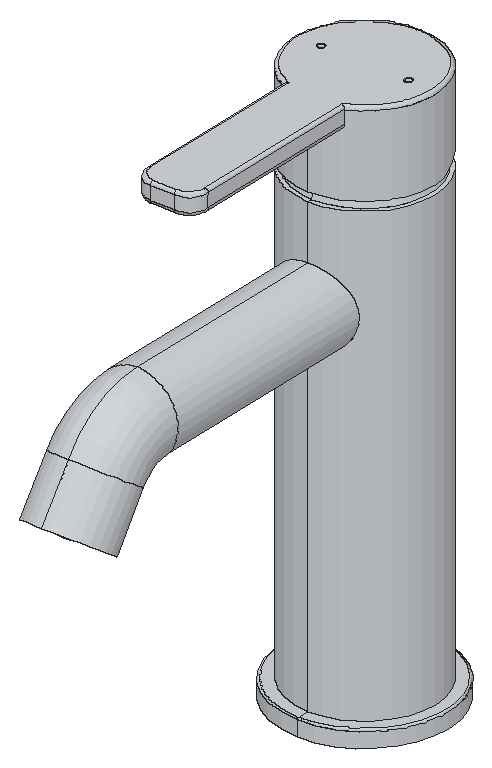
Revit family "Faucet-Lavatory-KOHLER-Atom-K-28839T", category Plumbing Fixtures, host Face, Revit 2021
Family settings
  Host = Face
  Round Connector Dimension = Use Diameter
  Part Type = Normal
  OmniClass Number = 23.31.11.00
  OmniClass Title = Faucets
  Cut with Voids When Loaded = No
  Shared = No
  Room Calculation Point = No
Parameters (values of type "CP-Polished Chrome")
  Width = 1.9685"  # constant formula
  WaterSense Certified = 1 = 0  # no
  Waste Water Outlet = "Waste Water Outlet"  # constant formula
  Waste Connection = 1 = 0  # no
  Vent Connection = 1 = 0  # no
  URL = "http://www.kohler.com.cn/"
  Type = 1
  Spout Reach = Length  # 4.33071"
  Product Page URL = ""
  Product Name = "Atom"  # constant formula
  Product Documentation Link = ""
  Pressure = 0.00 psi
  Model = "K-28839T-4-CP"  # constant formula
  Material = "Premium Metal Construction"  # constant formula
  Master Format 2014 Name = "Residential Faucets, Supplies, and Trim"  # constant formula
  Master Format 2014 = "22 41 39"  # constant formula
  Manufacturer Address = "Kohler Beijing Office (100016) 36-2-03-B, No. 88, Liuxiang Road, Beijing"  # constant formula
  Manufacturer = "Kohler Co."  # constant formula
  Length = 4.33071"  # constant formula
  Hot Water Inlet = "Hot Water Inlet"  # constant formula
  Height = 6.62992"  # constant formula
  Handle Clearance = 2.95276"  # constant formula
  HW Connection = 1 = 1  # yes
  Flow Rate = 2.2 GPM  # constant formula
  Finish = Kohler-Metal-CP-Polished_Chrome
  Environmental Product Declaration = ""
  Drain Included = 1 = 0  # no
  Description = "Single Control Lavatory Faucet With Lever Handle"  # constant formula
  Default Elevation = 36"
  Declare Label = ""
  Date Modified = "12/25/2023"  # constant formula
  Date Created = "12/25/2023"  # constant formula
  Copyright = "Copyright Kohler Co."  # constant formula
  Contact Us = "http://www.kohler.com.cn/contact/contact-us/"
  Cold Water Inlet = "Cold Water Inlet"  # constant formula
  CW Connection = 1 = 1  # yes
  Assembly Code = "D2010"
  ADA Compliant = 1 = 0  # no
Reference planes (in)
  plane 1 "Center (Front/Back)": y = 0
  plane 2: z = 0
  plane 3 "Center (Left/Right)": x = 0
  plane 4: y = 0.98425
  plane 5: x = -0.98425
  plane 6: x = 0.98425
  plane 7: y = -0.98425
  plane 8: y = -2.95276
  plane 9: y = -4.71654
  plane 10: z = 3.55512
  plane 11: z = 6.62992
  plane 12: y = -4.33071
  plane 13: through (0, -2.1777, 6.62994) normal (0, -0.8192, 0.5736)
  plane 14: x = -0.51181
  plane 15: x = 0.51181
  plane 16: x = -0.7874
  plane 17: y = 0.82677
  plane 18: x = 0.7874
  plane 19: y = -0.7874
  plane 20: through (0, 0.74802, 0) normal (0, 0.5736, 0.8192)
Dimensions and locks (in)
  plane 9 to plane 1 "Center (Front/Back)" = 4.71654"
  plane 14 to plane 15 = 1.02362"
  plane 1 "Center (Front/Back)" to plane 17 = 0.82677"
  plane 16 to plane 14 = 0.27559"
  "Height": plane 11 to level
  "Handle Clearance": plane 1 "Center (Front/Back)" to plane 8
  plane 4 to plane 9 = 5.70079"
  level to plane 10 = 3.55512"
  plane 4 to plane 7 = 1.9685"
  "Length": plane 1 "Center (Front/Back)" to plane 12
  "Width": plane 5 to plane 6
  plane 10 to level = 3.55512"
  aligned and locked: plane 2 to host face
  aligned and locked: level to host face
  aligned and locked: plane 1 "Center (Front/Back)" to nested 1
  aligned and locked: plane 3 "Center (Left/Right)" to nested 1
Automatic sketch dimensions
  host sketch curve to host sketch curve = 96"  (x2)
Nested families (in)
  nested 1: "K-28839T" at (0, 0, 0), type "K-28839T"
Connectors (in)
  piping at (-0.51181, 0, 0), diameter 0.5, driven by "Flow Rate", driven by "HW Connection", driven by "Hot Water Inlet"
    settings: on nested 1, index 1, connector inside diameter 24", connector length 0", flow factor 0, pipe flow 2.2 GPM, pressure drop 0.00 psi, fitting loss kfactor 0, connector angle 0.00°, fixture units 0, engagement length 0", angle of deflection 0.00°, flow configuration 1, flow direction 1, fitting loss method 0, system type 19, joint type 0, gender type 0, connector reference index -1, connector utility 1, adjustable connector no, is connector primary yes, connector description "Hot Water Inlet"
  piping at (0.51181, 0, 0), diameter 0.5, driven by "Flow Rate", driven by "CW Connection", driven by "Cold Water Inlet"
    settings: on nested 1, index 2, connector inside diameter 24", connector length 0", flow factor 0, pipe flow 2.2 GPM, pressure drop 0.00 psi, fitting loss kfactor 0, connector angle 0.00°, fixture units 0, engagement length 0", angle of deflection 0.00°, flow configuration 1, flow direction 1, fitting loss method 0, system type 20, joint type 0, gender type 0, connector reference index -1, connector utility 1, adjustable connector no, is connector primary no, connector description "Cold Water Inlet"
Definition of nested family "K-28839T"
  Parameters
    Material = none
    Default Elevation = 0"
  Reference planes (in)
    plane 1 "Center (Front/Back)": y = 0
    plane 2: z = 0
    plane 3 "Center (Left/Right)": x = 0
    plane 4: y = 0.98425
    plane 5: y = -0.98425
    plane 6: z = 6.62992
    plane 7: y = -4.33071
    plane 8: y = -4.71654
    plane 9: x = -0.98425
    plane 10: x = 0.98425
    plane 11: y = -2.95276
    plane 12: z = 3.55512
    plane 13: through (0, -4.33071, 3.55512) normal (0, 0.8192, -0.5736)
    plane 14: x = 0.51181
    plane 15: x = -0.51181
    plane 16: x = -0.7874
    plane 17: x = 0.7874
    plane 18: y = -0.7874
    plane 19: y = 0.7874
    plane 20: through (0, -4.71654, 3.82632) normal (0, -0.5736, -0.8192)
  Forms (in)
    Revolve 1, solid, material <- "Material", detail levels medium+fine
      sketch origin (0, 0, 0) x (0, 1, 0) y (0, 0, 1)
        loop
          line (0, 0) -> (0.98425, 0) -> (0.98425, 0.17717)
          arc (0.98425, 0.17717) -> (0.97849, 0.19108) -> (0.96457, 0.19685) r 0.01969
          line (0.96457, 0.19685) -> (0.82687, 0.19685) -> (0.82687, 5.53916) -> (0.77186, 5.53916)
          arc (0.77186, 5.53916) -> (0.70542, 5.7435) -> (0.58407, 5.92082) r 0.75436
          line (0.58407, 5.92082) -> (0, 5.92082) -> (0, 0)
        axis (0, 0) -> (0, 5.92082)
      angle from 0 to 360
    Sweep 2, solid, material <- "Material", detail levels medium+fine
      path origin (0, 0, 0) x (1, 0, 0) y (0, 1, 0)
        loop
          line (-0.35433, -0.46431) -> (-0.35433, -2.73621)
          arc (-0.35433, -2.73621) -> (-0.29091, -2.88932) -> (-0.1378, -2.95275) r 0.21654
          line (-0.1378, -2.95275) -> (0.13774, -2.95275)
          arc (0.13774, -2.95275) -> (0.29086, -2.88932) -> (0.35428, -2.73621) r 0.21654
          line (0.35428, -2.73621) -> (0.35428, -0.46436)
      profile origin (-0.00003, -2.95275, 0) x (0, 1, 0) y (0, 0, 1)
        loop
          arc (0, 6.43276) -> (0.01153, 6.40492) -> (0.03937, 6.39339) r 0.03937
          line (0.03937, 6.39339) -> (0.07154, 6.39339) -> (0.07154, 6.62994) -> (0.03937, 6.62994)
          arc (0.03937, 6.62994) -> (0.01153, 6.61841) -> (0, 6.59057) r 0.03937
          line (0, 6.59057) -> (0, 6.43276)
    Revolve 3, solid, material <- "Material", detail levels medium+fine
      sketch origin (0, 0, 0) x (0, 1, 0) y (0, 0, 1)
        loop
          line (0, 5.64536) -> (0, 6.62994) -> (-0.7874, 6.62994)
          arc (-0.7874, 6.62994) -> (-0.81524, 6.61841) -> (-0.82677, 6.59057) r 0.03937
          line (-0.82677, 6.59057) -> (-0.82677, 5.64536) -> (0, 5.64536)
        axis (0, 6.62994) -> (0, 5.64536)
      angle from 0 to 360
    Extrusion 4, void
      sketch origin (0, 0, 0) x (0, 1, 0) y (0, 0, 1)
        loop
          line (0.98812, 5.96475) -> (-0.00947, 5.59583) -> (0.98812, 5.59583) -> (0.98812, 5.96475)
      from -1.0149 to 1.00536
    Extrusion 5, solid, material <- "Material", detail levels medium+fine
      sketch origin (0, 0, 0) x (1, 0, 0) y (0, 1, 0)
        loop
          line (0.28274, -0.46436) -> (-0.2828, -0.46436) -> (-0.2828, -2.73621)
          arc (-0.2828, -2.73621) -> (-0.24033, -2.83874) -> (-0.1378, -2.88121) r 0.145
          line (-0.1378, -2.88121) -> (0.13774, -2.88121)
          arc (0.13774, -2.88121) -> (0.24027, -2.83874) -> (0.28274, -2.73621) r 0.145
          line (0.28274, -2.73621) -> (0.28274, -0.46436)
      from 6.39339 to 6.62994
    Extrusion 6, void
      sketch origin (0, 0, 0) x (1, 0, 0) y (0, 0, 1)
        loop
          circle (0, 6.26388) r 0.14173
      from -0.98812 to -0.64136
    Extrusion 7, solid, detail levels medium+fine
      sketch origin (0, 0, 0) x (1, 0, 0) y (0, 0, 1)
        loop
          circle (0, 6.26388) r 0.1378
      from -0.82703 to -0.64136
    Revolve 8, solid, material <- "Material", detail levels coarse
      sketch origin (0, 0, 0) x (0, 1, 0) y (0, 0, 1)
        loop
          line (0, 0) -> (0.98425, 0) -> (0.98425, 0.19685) -> (0.82687, 0.19685) -> (0.82687, 5.53916) -> (0.58407, 5.92082) -> (0, 5.92082) -> (0, 0)
        axis (0, 0) -> (0, 5.92082)
      angle from 0 to 360
    Revolve 9, solid, material <- "Material", detail levels coarse
      sketch origin (0, 0, 0) x (0, 1, 0) y (0, 0, 1)
        loop
          line (0, 5.64536) -> (0, 6.62994) -> (-0.7874, 6.62994)
          arc (-0.7874, 6.62994) -> (-0.81524, 6.61841) -> (-0.82677, 6.59057) r 0.03937
          line (-0.82677, 6.59057) -> (-0.82677, 5.64536) -> (0, 5.64536)
        axis (0, 6.62994) -> (0, 5.64536)
      angle from 0 to 360
    Extrusion 10, solid, material <- "Material", detail levels coarse
      sketch origin (0, 0, 0) x (1, 0, 0) y (0, 1, 0)
        loop
          line (-0.35433, -0.46436) -> (-0.35433, -2.73621)
          arc (-0.35433, -2.73621) -> (-0.29091, -2.88932) -> (-0.1378, -2.95275) r 0.21654
          line (-0.1378, -2.95275) -> (0.13774, -2.95275)
          arc (0.13774, -2.95275) -> (0.29086, -2.88932) -> (0.35428, -2.73621) r 0.21654
          line (0.35428, -2.73621) -> (0.35428, -0.46436) -> (-0.35433, -0.46436)
      from 6.39339 to 6.62994
    Sweep 11, solid, material <- "Material", detail levels medium+fine
      path origin (0, 0, 0) x (0, 1, 0) y (0, 0, 1)
        loop
          line (-4.33139, 3.55415) -> (-3.94567, 4.10503)
          arc (-3.94567, 4.10503) -> (-3.67372, 4.34352) -> (-3.32238, 4.42949) r 0.7609
          line (-3.32238, 4.42949) -> (-0.18232, 4.42949)
      profile origin (0, -1.75235, 4.42949) x (0, 0, 1) y (1, 0, 0)
        loop
          circle (0, 0) r 0.47244
    Sweep 12, void
      path origin (0, 0, 0) x (0, 1, 0) y (0, 0, 1)
        loop
          line (-4.3973, 3.46003) -> (-4.11658, 3.86094)
      profile origin (0, -4.25694, 3.66048) x (0, -0.819152, 0.573576) y (1, 0, 0)
        loop
          circle (0, 0) r 0.43307
    Revolve 13, solid, detail levels medium+fine
      sketch origin (0, 0, 0) x (0, 1, 0) y (0, 0, 1)
        loop
          line (-4.338, 3.54472) -> (-4.11658, 3.86094) -> (-4.47133, 4.10934) -> (-4.58424, 3.94809) -> (-4.47639, 3.87257) -> (-4.54101, 3.75262) -> (-4.50996, 3.73088)
          arc (-4.50996, 3.73088) -> (-4.43501, 3.62761) -> (-4.338, 3.54472) r 0.54215
        axis (-4.11658, 3.86094) -> (-4.338, 3.54472)
      angle from 0 to 360
    Extrusion 14, void
      sketch origin (0, 0, 0) x (0, 1, 0) y (0, 0, 1)
        loop
          line (-4.41231, 3.52874) -> (-4.32874, 3.47023) -> (-4.20965, 3.64032) -> (-4.29321, 3.69883) -> (-4.41231, 3.52874)
      from -0.34375 to 0.31622
    Sweep 15, solid, material <- "Material", detail levels coarse
      path origin (0, 0, 0) x (0, 1, 0) y (0, 0, 1)
        loop
          line (-4.33139, 3.55415) -> (-3.94567, 4.10503)
          arc (-3.94567, 4.10503) -> (-3.67372, 4.34352) -> (-3.32238, 4.42949) r 0.7609
          line (-3.32238, 4.42949) -> (-0.18232, 4.42949)
      profile origin (0, -1.75235, 4.42949) x (0, 0, 1) y (1, 0, 0)
        loop
          circle (0, 0) r 0.47244
    Extrusion 16, void
      sketch origin (0, 0, 0) x (1, 0, 0) y (0, 1, 0)
        loop
          circle (-0.51181, 0) r 0.03937
      from 6.53296 to 6.66894
    Extrusion 17, void
      sketch origin (0, 0, 0) x (-1, 0, 0) y (0, -1, 0)
        loop
          circle (-0.51181, 0) r 0.03937
      from 6.53296 to 6.66894
    Extrusion 18, solid
      sketch origin (0, 0, 0) x (1, 0, 0) y (0, 1, 0)
        loop
          circle (-0.51181, 0) r 0.03937
      from 6.53296 to 6.62994
    Extrusion 19, solid
      sketch origin (0, 0, 0) x (-1, 0, 0) y (0, -1, 0)
        loop
          circle (-0.51181, 0) r 0.03937
      from 6.53296 to 6.62994
    Extrusion 20, solid, material <- "Material"
      sketch origin (0, 0, 0) x (1, 0, 0) y (0, 1, 0)
        loop
          circle (-0.51181, 0) r 0.11811
      from 0 to 0.19685
    Extrusion 21, solid, material <- "Material"
      sketch origin (0, 0, 0) x (1, 0, 0) y (0, 1, 0)
        loop
          circle (0.51181, 0) r 0.11811
      from 0 to 0.19685
  Cuts and joins
    Extrusion 4, Extrusion 6, Extrusion 16, Extrusion 17 cuts Revolve 3
    joined: Sweep 2, Revolve 3, Extrusion 5
    Sweep 12 cuts Sweep 11
    Extrusion 14 cuts Revolve 13
    Extrusion 16, Extrusion 17 cuts Revolve 9
    joined: Revolve 9, Extrusion 10
  Lines and regions (in)
    Masking region 1
      outline origin (0, 0, 0) x (1, 0, 0) y (0, 1, 0)
        loop
          arc (-0.98425, 0) -> (-0.8471, -0.50179) -> (-0.47244, -0.86269) r 0.97995
          line (-0.47244, -0.86269) -> (-0.47244, -4.33066)
          arc (-0.47244, -4.33066) -> (-0.45728, -4.43034) -> (-0.41315, -4.52101) r 0.33515
          arc (-0.41315, -4.52101) -> (-0.33562, -4.60507) -> (-0.23776, -4.66424) r 0.40693
          arc (-0.23776, -4.66424) -> (-0.12133, -4.7015) -> (0, -4.71654) r 0.65683
          arc (0, -4.71654) -> (0.12133, -4.7015) -> (0.23776, -4.66424) r 0.65683
          arc (0.23776, -4.66424) -> (0.33562, -4.60507) -> (0.41315, -4.52101) r 0.40693
          arc (0.41315, -4.52101) -> (0.45728, -4.43034) -> (0.47244, -4.33066) r 0.33515
          line (0.47244, -4.33066) -> (0.47244, -0.86269)
          arc (0.47244, -0.86269) -> (0.8471, -0.50179) -> (0.98425, 0) r 0.97995
          arc (0.98425, 0) -> (0.72525, 0.66541) -> (0.08454, 0.98061) r 0.98425
          arc (0.08454, 0.98061) -> (0.04231, 0.98334) -> (0, 0.98425) r 0.98425
          arc (0, 0.98425) -> (-0.04216, 0.98335) -> (-0.08424, 0.98064) r 0.98425
          arc (-0.08424, 0.98064) -> (-0.72514, 0.66552) -> (-0.98425, 0) r 0.98425
    Masking region 2
      outline origin (0, 0, 0) x (1, 0, 0) y (0, 0, 1)
        loop
          line (-0.7874, 6.59055) -> (-0.7874, 5.6457) -> (-0.7314, 5.6457)
          arc (-0.7314, 5.6457) -> (-0.74734, 5.59322) -> (-0.75653, 5.53914) r 0.43336
          line (-0.75653, 5.53914) -> (-0.7874, 5.53914) -> (-0.7874, 0.19688) -> (-0.96457, 0.19688)
          arc (-0.96457, 0.19688) -> (-0.97849, 0.19111) -> (-0.98425, 0.17719) r 0.01969
          line (-0.98425, 0.17719) -> (-0.98425, 0) -> (0, 0) -> (0.98425, 0) -> (0.98425, 0.17719)
          arc (0.98425, 0.17719) -> (0.97849, 0.19111) -> (0.96457, 0.19688) r 0.01969
          line (0.96457, 0.19688) -> (0.7874, 0.19688) -> (0.7874, 5.53914) -> (0.75653, 5.53914)
          arc (0.75653, 5.53914) -> (0.74734, 5.59322) -> (0.7314, 5.6457) r 0.43336
          line (0.7314, 5.6457) -> (0.7874, 5.6457) -> (0.7874, 6.59055)
          arc (0.7874, 6.59055) -> (0.77587, 6.61839) -> (0.74803, 6.62992) r 0.03937
          line (0.74803, 6.62992) -> (0, 6.62992) -> (-0.74803, 6.62992)
          arc (-0.74803, 6.62992) -> (-0.77587, 6.61839) -> (-0.7874, 6.59055) r 0.03937
    Masking region 3
      outline origin (0, 0, 0) x (0, 1, 0) y (0, 0, 1)
        loop
          arc (0.7874, 6.59055) -> (0.77587, 6.61839) -> (0.74803, 6.62992) r 0.03937
          line (0.74803, 6.62992) -> (-2.91339, 6.62992)
          arc (-2.91339, 6.62992) -> (-2.94122, 6.61839) -> (-2.95276, 6.59055) r 0.03937
          line (-2.95276, 6.59055) -> (-2.95276, 6.43321)
          arc (-2.95276, 6.43321) -> (-2.94122, 6.40537) -> (-2.91339, 6.39384) r 0.03937
          line (-2.91339, 6.39384) -> (-0.86614, 6.39384)
          arc (-0.86614, 6.39384) -> (-0.81046, 6.37078) -> (-0.7874, 6.3151) r 0.07874
          line (-0.7874, 6.3151) -> (-0.7874, 5.64542) -> (-0.7299, 5.64542)
          arc (-0.7299, 5.64542) -> (-0.74428, 5.59249) -> (-0.75655, 5.53903) r 1.38621
          line (-0.75655, 5.53903) -> (-0.7874, 5.53903) -> (-0.7874, 4.94864)
          arc (-0.7874, 4.94864) -> (-0.79893, 4.92081) -> (-0.82677, 4.90927) r 0.03937
          line (-0.82677, 4.90927) -> (-3.20361, 4.90927)
          arc (-3.20361, 4.90927) -> (-3.87298, 4.74548) -> (-4.39108, 4.29112) r 1.44963
          line (-4.39108, 4.29112) -> (-4.71654, 3.82632) -> (-3.94334, 3.28492) -> (-3.60574, 3.76706)
          arc (-3.60574, 3.76706) -> (-3.43995, 3.91246) -> (-3.22575, 3.96487) r 0.46388
          line (-3.22575, 3.96487) -> (-0.82677, 3.96487)
          arc (-0.82677, 3.96487) -> (-0.79893, 3.95334) -> (-0.7874, 3.9255) r 0.03937
          line (-0.7874, 3.9255) -> (-0.7874, 0.19685) -> (-0.96457, 0.19685)
          arc (-0.96457, 0.19685) -> (-0.97849, 0.19108) -> (-0.98425, 0.17717) r 0.01969
          line (-0.98425, 0.17717) -> (-0.98425, 0) -> (0, 0) -> (0.98425, 0) -> (0.98425, 0.17717)
          arc (0.98425, 0.17717) -> (0.97849, 0.19108) -> (0.96457, 0.19685) r 0.01969
          line (0.96457, 0.19685) -> (0.7874, 0.19685) -> (0.7874, 1.22045) -> (0.7874, 5.53917) -> (0.75665, 5.53917)
          arc (0.75665, 5.53917) -> (0.71167, 5.69256) -> (0.63735, 5.83408) r 0.80761
          line (0.63735, 5.83408) -> (0.7874, 5.88869) -> (0.7874, 6.59055)
    symbolic lines, detail levels medium+fine
      curve 1: arc (0, 0.82626, 0) -> (-0.03711, 0.82539, 0) -> (-0.07414, 0.82285, 0) r 0.82668
      curve 2: line (-0.47244, -0.86269, 0) -> (-0.47244, -0.70151, 0)
      curve 3: arc (-0.49089, -0.6649, 0) -> (-0.47732, -0.68101, 0) -> (-0.47244, -0.70151, 0) r 0.04554
      curve 4: arc (-0.47244, -0.83704, 0) -> (-0.93205, 0.24725, 0) -> (0, 0.96712, 0) r 0.96409
      curve 5: line (-0.07414, 0.82285, 0) -> (-0.12447, 0.82285, 0)
      curve 6: arc (-0.12447, 0.82285, 0) -> (-0.13974, 0.82, 0) -> (-0.15294, 0.81182, 0) r 0.04225
      curve 7: line (-0.35437, -0.79504, 0) -> (-0.35437, -2.73622, 0)
      curve 8: line (-0.13783, -2.95276, 0) -> (0, -2.95276, 0)
      curve 9: arc (-0.35437, -2.73622, 0) -> (-0.29095, -2.88933, 0) -> (-0.13783, -2.95276, 0) r 0.21654
      curve 10: arc (-0.39536, -0.72593, 0) -> (-0.36539, -0.75486, 0) -> (-0.35437, -0.79504, 0) r 0.07874
      curve 11: arc (0, 0.78781, 0) -> (-0.76253, 0.19411, 0) -> (-0.37663, -0.6919, 0) r 0.7881
      curve 12: line (-0.31515, -0.79555, 0) -> (-0.31515, -2.736, 0)
      curve 13: line (-0.13799, -2.91317, 0) -> (0, -2.91317, 0)
      curve 14: arc (-0.31515, -2.736, 0) -> (-0.26326, -2.86128, 0) -> (-0.13799, -2.91317, 0) r 0.17717
      curve 15: arc (-0.37663, -0.6919, 0) -> (-0.33168, -0.7353, 0) -> (-0.31515, -0.79555, 0) r 0.11811
      curve 16: circle (-0.51181, 0, 0) r 0.03937 normal (0, 0, 1)
      curve 17: line (-0.47244, -3.21903, 0) -> (0, -3.21903, 0)
      curve 18: arc (0, -4.37926, 0) -> (-0.22601, -4.33153, 0) -> (-0.40785, -4.18908, 0) r 0.51056
      curve 19: arc (-0.40785, -4.18908, 0) -> (-0.45116, -4.11627, 0) -> (-0.47244, -4.03426, 0) r 0.30058
      curve 20: arc (0, 0.82626, 0) -> (0.03711, 0.82539, 0) -> (0.07414, 0.82285, 0) r 0.82668
      curve 21: line (0.47244, -0.86269, 0) -> (0.47244, -0.70151, 0)
      curve 22: arc (0.49089, -0.6649, 0) -> (0.47732, -0.68101, 0) -> (0.47244, -0.70151, 0) r 0.04554
      curve 23: arc (0.47244, -0.83704, 0) -> (0.93205, 0.24725, 0) -> (0, 0.96712, 0) r 0.96409
      curve 24: line (0.07414, 0.82285, 0) -> (0.12447, 0.82285, 0)
      curve 25: arc (0.12447, 0.82285, 0) -> (0.13974, 0.82, 0) -> (0.15294, 0.81182, 0) r 0.04225
      curve 26: line (0.35437, -0.79504, 0) -> (0.35437, -2.73622, 0)
      curve 27: line (0.13783, -2.95276, 0) -> (0, -2.95276, 0)
      curve 28: arc (0.35437, -2.73622, 0) -> (0.29095, -2.88933, 0) -> (0.13783, -2.95276, 0) r 0.21654
      curve 29: arc (0.39536, -0.72593, 0) -> (0.36539, -0.75486, 0) -> (0.35437, -0.79504, 0) r 0.07874
      curve 30: arc (0, 0.78781, 0) -> (0.76253, 0.19411, 0) -> (0.37663, -0.6919, 0) r 0.7881
      curve 31: line (0.31515, -0.79555, 0) -> (0.31515, -2.736, 0)
      curve 32: line (0.13799, -2.91317, 0) -> (0, -2.91317, 0)
      curve 33: arc (0.31515, -2.736, 0) -> (0.26326, -2.86128, 0) -> (0.13799, -2.91317, 0) r 0.17717
      curve 34: arc (0.37663, -0.6919, 0) -> (0.33168, -0.7353, 0) -> (0.31515, -0.79555, 0) r 0.11811
      curve 35: circle (0.51181, 0, 0) r 0.03937 normal (0, 0, -1)
      curve 36: line (0.47244, -3.21903, 0) -> (0, -3.21903, 0)
      curve 37: arc (0, -4.37926, 0) -> (0.22601, -4.33153, 0) -> (0.40785, -4.18908, 0) r 0.51056
      curve 38: arc (0.40785, -4.18908, 0) -> (0.45116, -4.11627, 0) -> (0.47244, -4.03426, 0) r 0.30058
      curve 39: line (-0.98425, 0, 0.17719) -> (0, 0, 0.17719)
      curve 40: line (-0.7874, 0, 0.19688) -> (0, 0, 0.19688)
      curve 41: line (-0.75653, 0, 5.53914) -> (0, 0, 5.53914)
      curve 42: line (-0.745, 0, 5.6457) -> (0, 0, 5.6457)
      curve 43: line (-0.7874, 0, 6.59055) -> (0, 0, 6.59055)
      curve 44: arc (-0.35439, 0, 6.59055) -> (-0.34286, 0, 6.61839) -> (-0.31502, 0, 6.62992) r 0.03937
      curve 45: line (-0.35439, 0, 6.59055) -> (-0.35439, 0, 6.43307)
      curve 46: line (0, 0, 6.3937) -> (-0.31502, 0, 6.3937)
      curve 47: arc (-0.35439, 0, 6.43307) -> (-0.34286, 0, 6.40523) -> (-0.31502, 0, 6.3937) r 0.03937
      curve 48: line (-0.35439, 0, 6.43307) -> (0, 0, 6.43307)
      curve 49: line (-0.13955, 0, 6.62992) -> (-0.13955, 0, 6.3937)
      curve 50: line (0.98425, 0, 0.17719) -> (0, 0, 0.17719)
      curve 51: line (0.7874, 0, 0.19688) -> (0, 0, 0.19688)
      curve 52: line (0.75653, 0, 5.53914) -> (0, 0, 5.53914)
      curve 53: line (0.745, 0, 5.6457) -> (0, 0, 5.6457)
      curve 54: line (0.7874, 0, 6.59055) -> (0, 0, 6.59055)
      curve 55: arc (0.35439, 0, 6.59055) -> (0.34286, 0, 6.61839) -> (0.31502, 0, 6.62992) r 0.03937
      curve 56: line (0.35439, 0, 6.59055) -> (0.35439, 0, 6.43307)
      curve 57: line (0, 0, 6.3937) -> (0.31502, 0, 6.3937)
      curve 58: arc (0.35439, 0, 6.43307) -> (0.34286, 0, 6.40523) -> (0.31502, 0, 6.3937) r 0.03937
      curve 59: line (0.35439, 0, 6.43307) -> (0, 0, 6.43307)
      curve 60: line (0.13955, 0, 6.62992) -> (0.13955, 0, 6.3937)
      curve 61: arc (0, 0.7874, 6.39556) -> (0, 0.77308, 6.26488) -> (0, 0.7874, 6.13421) r 0.60334
      curve 62: line (0, 0.11901, 5.64542) -> (0, -0.7299, 5.64542)
      curve 63: line (0, 0.7874, 0.19685) -> (0, 0, 0.19685)
      curve 64: line (0, 0.98425, 0.17717) -> (0, 0, 0.17717)
      curve 65: line (0, -0.7874, 0.19685) -> (0, 0, 0.19685)
      curve 66: line (0, -0.98425, 0.17717) -> (0, 0, 0.17717)
      curve 67: arc (0, -0.7874, 4.94864) -> (0, -0.60509, 4.43706) -> (0, -0.78745, 3.9255) r 0.80882
      curve 68: arc (0, -0.82677, 4.90927) -> (0, -0.66485, 4.43706) -> (0, -0.82682, 3.96487) r 0.76941
      curve 69: line (0, 0.75665, 5.53917) -> (0, -0.75655, 5.53903)
      curve 70: line (0, 0.7874, 6.59055) -> (0, -2.95287, 6.59055)
      curve 71: line (0, -2.95287, 6.43321) -> (0, -0.72325, 6.43321)
      curve 72: arc (0, -0.69569, 6.62992) -> (0, -0.71581, 6.61468) -> (0, -0.72325, 6.59055) r 0.04115
      curve 73: line (0, -0.72325, 6.59055) -> (0, -0.72325, 6.43321)
      curve 74: arc (0, -0.72325, 6.43321) -> (0, -0.72861, 6.38593) -> (0, -0.74442, 6.34106) r 0.21119
      curve 75: line (0, -0.79522, 6.59055) -> (0, -0.79522, 6.43986)
      curve 76: line (0, -0.79522, 6.59055) -> (0, -0.79522, 6.62992)
      curve 77: line (0, -2.73332, 6.62992) -> (0, -2.73332, 6.39384)
      curve 78: line (0, -4.39108, 4.29112) -> (0, -3.61788, 3.74972)
      curve 79: line (0, -3.20361, 4.90927) -> (0, -3.20361, 3.96487)
      curve 80: line (0, 0.64943, 5.83848) -> (0, 0.11901, 5.64542)
      curve 81: arc (-0.07414, 0.82285, 0) -> (-0.11367, 0.81829, 0) -> (-0.15294, 0.81182, 0) r 0.82668
      curve 82: arc (0.07414, 0.82285, 0) -> (0.11367, 0.81829, 0) -> (0.15294, 0.81182, 0) r 0.82668
      curve 83: arc (0.15294, 0.81182, 0) -> (0.8157, 0.12832, 0) -> (0.39536, -0.72593, 0) r 0.82668
      curve 84: arc (-0.15294, 0.81182, 0) -> (-0.8157, 0.12832, 0) -> (-0.39536, -0.72593, 0) r 0.82668
      curve 85: arc (0.00005, 0, 4.90678) -> (-0.33965, 0, 4.75341) -> (-0.4714, 0, 4.40476) r 0.48697
      curve 86: line (-0.4714, 0, 4.40476) -> (-0.4714, 0, 3.55421)
      curve 87: arc (-0.4714, 0, 3.55421) -> (-0.45907, 0, 3.49098) -> (-0.42389, 0, 3.43702) r 0.16829
      curve 88: arc (-0.42389, 0, 3.43702) -> (-0.31907, 0, 3.35611) -> (-0.19567, 0, 3.30808) r 0.46424
      curve 89: arc (-0.19567, 0, 3.30808) -> (-0.09845, 0, 3.29123) -> (0.00005, 0, 3.28546) r 0.87324
      curve 90: arc (-0.4714, 0, 3.55421) -> (-0.45907, 0, 3.61744) -> (-0.42389, 0, 3.6714) r 0.16829
      curve 91: arc (-0.42389, 0, 3.6714) -> (-0.31907, 0, 3.75232) -> (-0.19567, 0, 3.80035) r 0.46424
      curve 92: arc (-0.19567, 0, 3.80035) -> (-0.09845, 0, 3.81719) -> (0.00005, 0, 3.82296) r 0.87324
      curve 93: spline (0.00005, 0, 3.80342) -> (-0.02677, 0, 3.80294) -> (-0.05349, 0, 3.8015) -> (-0.08, 0, 3.79911) -> (-0.1062, 0, 3.79578) -> (-0.13198, 0, 3.79152) -> (-0.15726, 0, 3.78635) -> (-0.18194, 0, 3.78028) -> (-0.20591, 0, 3.77334) -> (-0.22908, 0, 3.76556) -> (-0.25137, 0, 3.75697) -> (-0.27269, 0, 3.7476) -> (-0.29295, 0, 3.73748)
      curve 94: spline (0.00003, 0, 3.76399) -> (-0.00595, 0, 3.76395) -> (-0.01192, 0, 3.76384) -> (-0.01789, 0, 3.76365) -> (-0.02386, 0, 3.76339) -> (-0.02981, 0, 3.76305) -> (-0.03575, 0, 3.76264) -> (-0.04167, 0, 3.76216) -> (-0.04758, 0, 3.7616) -> (-0.05346, 0, 3.76096) -> (-0.05932, 0, 3.76026) -> (-0.06516, 0, 3.75948) -> (-0.07096, 0, 3.75862)
      curve 95: line (0.00106, 0, 3.62001) -> (-0.28075, 0, 3.62001)
      curve 96: spline (-0.28075, 0, 3.62001) -> (-0.28123, 0, 3.61797) -> (-0.28167, 0, 3.61592) -> (-0.28207, 0, 3.61387) -> (-0.28243, 0, 3.61182) -> (-0.28274, 0, 3.60977) -> (-0.28301, 0, 3.60771) -> (-0.28324, 0, 3.60565) -> (-0.28342, 0, 3.60359) -> (-0.28356, 0, 3.60153) -> (-0.28366, 0, 3.59947) -> (-0.28372, 0, 3.59741) -> (-0.28374, 0, 3.59534)
      curve 97: line (-0.27537, 0, 3.55507) -> (0.00106, 0, 3.55507)
      curve 98: spline (-0.27537, 0, 3.55507) -> (-0.27426, 0, 3.55252) -> (-0.27309, 0, 3.54997) -> (-0.27185, 0, 3.54744) -> (-0.27054, 0, 3.54491) -> (-0.26917, 0, 3.54241) -> (-0.26773, 0, 3.53991) -> (-0.26623, 0, 3.53743) -> (-0.26466, 0, 3.53496) -> (-0.26302, 0, 3.5325) -> (-0.26132, 0, 3.53007) -> (-0.25956, 0, 3.52764) -> (-0.25773, 0, 3.52524)
      curve 99: line (-0.28374, 0, 3.59534) -> (-0.29436, 0, 3.65643)
      curve 100: arc (-0.29436, 0, 3.65643) -> (-0.29755, 0, 3.69702) -> (-0.29295, 0, 3.73748) r 0.21257
      curve 101: spline (-0.29295, 0, 3.73748) -> (-0.35004, 0, 3.70043) -> (-0.39322, 0, 3.6576) -> (-0.42077, 0, 3.6107) -> (-0.43161, 0, 3.56158) -> (-0.4253, 0, 3.51221) -> (-0.40209, 0, 3.46453) -> (-0.3629, 0, 3.42045) -> (-0.30929, 0, 3.38172) -> (-0.2434, 0, 3.34987) -> (-0.16783, 0, 3.32617) -> (-0.08559, 0, 3.31156) -> (0.00005, 0, 3.30663)
      curve 102: arc (-0.4714, 0, 4.0705) -> (-0.26019, 0, 4.233) -> (0.00005, 0, 4.29034) r 0.61206
      curve 103: arc (-0.4714, 0, 4.40476) -> (-0.36224, 0, 4.78595) -> (0.00005, 0, 4.9471) r 0.46875
      curve 104: arc (0.00005, 0, 4.90678) -> (0.33974, 0, 4.75341) -> (0.47149, 0, 4.40476) r 0.48697
      curve 105: line (0.47149, 0, 4.40476) -> (0.47149, 0, 3.55421)
      curve 106: arc (0.47149, 0, 3.55421) -> (0.45916, 0, 3.49098) -> (0.42398, 0, 3.43702) r 0.16829
      curve 107: arc (0.42398, 0, 3.43702) -> (0.31916, 0, 3.35611) -> (0.19576, 0, 3.30808) r 0.46424
      curve 108: arc (0.19576, 0, 3.30808) -> (0.09854, 0, 3.29123) -> (0.00005, 0, 3.28546) r 0.87324
      curve 109: arc (0.47149, 0, 3.55421) -> (0.45916, 0, 3.61744) -> (0.42398, 0, 3.6714) r 0.16829
      curve 110: arc (0.42398, 0, 3.6714) -> (0.31916, 0, 3.75232) -> (0.19576, 0, 3.80035) r 0.46424
      curve 111: arc (0.19576, 0, 3.80035) -> (0.09854, 0, 3.81719) -> (0.00005, 0, 3.82296) r 0.87324
      curve 112: spline (0.00005, 0, 3.80342) -> (0.02684, 0, 3.80294) -> (0.05353, 0, 3.80151) -> (0.08001, 0, 3.79914) -> (0.10619, 0, 3.79583) -> (0.13196, 0, 3.7916) -> (0.15722, 0, 3.78647) -> (0.18188, 0, 3.78044) -> (0.20585, 0, 3.77355) -> (0.22902, 0, 3.76582) -> (0.25132, 0, 3.75729) -> (0.27266, 0, 3.74798) -> (0.29295, 0, 3.73793)
      curve 113: spline (0.00003, 0, 3.76399) -> (0.00619, 0, 3.76395) -> (0.01234, 0, 3.76383) -> (0.01849, 0, 3.76363) -> (0.02463, 0, 3.76335) -> (0.03076, 0, 3.763) -> (0.03687, 0, 3.76256) -> (0.04297, 0, 3.76205) -> (0.04904, 0, 3.76145) -> (0.05509, 0, 3.76078) -> (0.06112, 0, 3.76003) -> (0.06712, 0, 3.75921) -> (0.07308, 0, 3.7583)
      curve 114: line (0.00106, 0, 3.62001) -> (0.28084, 0, 3.62001)
      curve 115: spline (0.28084, 0, 3.62001) -> (0.28132, 0, 3.61797) -> (0.28176, 0, 3.61592) -> (0.28216, 0, 3.61387) -> (0.28252, 0, 3.61182) -> (0.28283, 0, 3.60977) -> (0.2831, 0, 3.60771) -> (0.28333, 0, 3.60565) -> (0.28351, 0, 3.60359) -> (0.28365, 0, 3.60153) -> (0.28375, 0, 3.59947) -> (0.28381, 0, 3.59741) -> (0.28383, 0, 3.59534)
      curve 116: line (0.27546, 0, 3.55507) -> (0.00106, 0, 3.55507)
      curve 117: spline (0.27546, 0, 3.55507) -> (0.27441, 0, 3.55265) -> (0.2733, 0, 3.55023) -> (0.27213, 0, 3.54782) -> (0.2709, 0, 3.54543) -> (0.26961, 0, 3.54304) -> (0.26827, 0, 3.54067) -> (0.26686, 0, 3.53831) -> (0.26539, 0, 3.53596) -> (0.26386, 0, 3.53363) -> (0.26228, 0, 3.5313) -> (0.26064, 0, 3.529) -> (0.25894, 0, 3.52671)
      curve 118: line (0.28383, 0, 3.59534) -> (0.29445, 0, 3.65643)
      curve 119: arc (0.29445, 0, 3.65643) -> (0.29764, 0, 3.69725) -> (0.29295, 0, 3.73793) r 0.21257
      curve 120: spline (0.29295, 0, 3.73793) -> (0.35041, 0, 3.70092) -> (0.39392, 0, 3.6581) -> (0.42175, 0, 3.61118) -> (0.43278, 0, 3.56202) -> (0.42659, 0, 3.51259) -> (0.40341, 0, 3.46484) -> (0.36418, 0, 3.42068) -> (0.31044, 0, 3.38187) -> (0.24435, 0, 3.34996) -> (0.16853, 0, 3.32621) -> (0.086, 0, 3.31157) -> (0.00005, 0, 3.30663)
      curve 121: arc (0.47149, 0, 4.0705) -> (0.26028, 0, 4.233) -> (0.00005, 0, 4.29034) r 0.61206
      curve 122: arc (0.47149, 0, 4.40476) -> (0.36233, 0, 4.78595) -> (0.00005, 0, 4.9471) r 0.46875
      curve 123: line (-0.2586, 0, 3.6645) -> (0.00106, 0, 3.6645)
      curve 124: line (0.25949, 0, 3.66345) -> (0.00106, 0, 3.6645)
      curve 125: line (-0.20255, 0, 3.7133) -> (0.20348, 0, 3.71279)
      curve 126: line (0.24823, 0, 3.51376) -> (-0.24727, 0, 3.51301)
      curve 127: line (-0.18115, 0, 3.46582) -> (0.18152, 0, 3.46582)
      curve 128: line (-0.2586, 0, 3.6645) -> (-0.2586, 0, 3.62001)
      curve 129: line (-0.20255, 0, 3.7133) -> (-0.20255, 0, 3.62001)
      curve 130: line (-0.13977, 0, 3.74175) -> (-0.13977, 0, 3.62001)
      curve 131: line (-0.07094, 0, 3.75863) -> (-0.07094, 0, 3.62001)
      curve 132: line (0.00106, 0, 3.764) -> (0.00106, 0, 3.62001)
      curve 133: line (0.25949, 0, 3.66345) -> (0.2598, 0, 3.62001)
      curve 134: line (0.20348, 0, 3.71279) -> (0.20468, 0, 3.62001)
      curve 135: line (0.1419, 0, 3.7415) -> (0.1419, 0, 3.62001)
      curve 136: line (0.07307, 0, 3.75821) -> (0.07307, 0, 3.62001)
      curve 137: line (-0.20255, 0, 3.47754) -> (-0.20255, 0, 3.55507)
      curve 138: line (-0.13977, 0, 3.4487) -> (-0.13977, 0, 3.55507)
      curve 139: line (-0.07094, 0, 3.43216) -> (-0.07094, 0, 3.55507)
      curve 140: line (0.00106, 0, 3.42692) -> (0.00106, 0, 3.55507)
      curve 141: line (0.20468, 0, 3.47864) -> (0.20468, 0, 3.55507)
      curve 142: line (0.1419, 0, 3.44939) -> (0.1419, 0, 3.55507)
      curve 143: line (0.07307, 0, 3.4326) -> (0.07307, 0, 3.55507)
      curve 144: spline (-0.2588, 0, 3.66455) -> (-0.26142, 0, 3.661) -> (-0.26389, 0, 3.65741) -> (-0.26622, 0, 3.65378) -> (-0.26841, 0, 3.65013) -> (-0.27047, 0, 3.64644) -> (-0.27237, 0, 3.64273) -> (-0.27413, 0, 3.639) -> (-0.27575, 0, 3.63524) -> (-0.27722, 0, 3.63146) -> (-0.27855, 0, 3.62766) -> (-0.27972, 0, 3.62384) -> (-0.28075, 0, 3.62001)
      curve 145: spline (-0.2027, 0, 3.71334) -> (-0.20845, 0, 3.70976) -> (-0.21401, 0, 3.70607) -> (-0.21939, 0, 3.7023) -> (-0.22458, 0, 3.69842) -> (-0.22958, 0, 3.69446) -> (-0.23438, 0, 3.69042) -> (-0.23898, 0, 3.68629) -> (-0.24337, 0, 3.68209) -> (-0.24755, 0, 3.67781) -> (-0.25152, 0, 3.67345) -> (-0.25527, 0, 3.66904) -> (-0.2588, 0, 3.66455)
      curve 146: spline (-0.13983, 0, 3.74207) -> (-0.14556, 0, 3.74009) -> (-0.15122, 0, 3.73803) -> (-0.15679, 0, 3.73589) -> (-0.16227, 0, 3.73367) -> (-0.16766, 0, 3.73138) -> (-0.17297, 0, 3.72902) -> (-0.17817, 0, 3.72658) -> (-0.18329, 0, 3.72407) -> (-0.1883, 0, 3.72149) -> (-0.19321, 0, 3.71884) -> (-0.19801, 0, 3.71613) -> (-0.2027, 0, 3.71334)
      curve 147: spline (-0.07096, 0, 3.75862) -> (-0.07696, 0, 3.75766) -> (-0.08291, 0, 3.75662) -> (-0.08883, 0, 3.7555) -> (-0.0947, 0, 3.75431) -> (-0.10053, 0, 3.75304) -> (-0.10631, 0, 3.75169) -> (-0.11204, 0, 3.75027) -> (-0.11772, 0, 3.74878) -> (-0.12334, 0, 3.74721) -> (-0.1289, 0, 3.74557) -> (-0.1344, 0, 3.74385) -> (-0.13983, 0, 3.74207)
      curve 148: spline (0.07308, 0, 3.7583) -> (0.07909, 0, 3.75731) -> (0.08505, 0, 3.75624) -> (0.09097, 0, 3.75509) -> (0.09685, 0, 3.75387) -> (0.10268, 0, 3.75257) -> (0.10847, 0, 3.75119) -> (0.1142, 0, 3.74974) -> (0.11987, 0, 3.74821) -> (0.12549, 0, 3.74661) -> (0.13105, 0, 3.74494) -> (0.13654, 0, 3.74319) -> (0.14197, 0, 3.74137)
      curve 149: spline (0.14197, 0, 3.74137) -> (0.14759, 0, 3.73939) -> (0.15314, 0, 3.73734) -> (0.1586, 0, 3.73521) -> (0.16397, 0, 3.733) -> (0.16926, 0, 3.73072) -> (0.17447, 0, 3.72837) -> (0.17957, 0, 3.72595) -> (0.18459, 0, 3.72346) -> (0.1895, 0, 3.7209) -> (0.19432, 0, 3.71828) -> (0.19903, 0, 3.71559) -> (0.20363, 0, 3.71283)
      curve 150: spline (0.20363, 0, 3.71283) -> (0.2094, 0, 3.70921) -> (0.21497, 0, 3.70548) -> (0.22036, 0, 3.70166) -> (0.22556, 0, 3.69774) -> (0.23056, 0, 3.69373) -> (0.23536, 0, 3.68964) -> (0.23995, 0, 3.68547) -> (0.24434, 0, 3.68121) -> (0.24851, 0, 3.67689) -> (0.25246, 0, 3.67249) -> (0.25619, 0, 3.66802) -> (0.25969, 0, 3.66349)
      curve 151: spline (0.25969, 0, 3.66349) -> (0.2622, 0, 3.66001) -> (0.26458, 0, 3.6565) -> (0.26682, 0, 3.65296) -> (0.26893, 0, 3.64939) -> (0.2709, 0, 3.64579) -> (0.27274, 0, 3.64217) -> (0.27444, 0, 3.63853) -> (0.276, 0, 3.63486) -> (0.27742, 0, 3.63117) -> (0.2787, 0, 3.62747) -> (0.27984, 0, 3.62375) -> (0.28084, 0, 3.62001)
      curve 152: spline (0.25894, 0, 3.52671) -> (0.25811, 0, 3.52562) -> (0.25727, 0, 3.52453) -> (0.25642, 0, 3.52345) -> (0.25555, 0, 3.52237) -> (0.25467, 0, 3.5213) -> (0.25378, 0, 3.52023) -> (0.25288, 0, 3.51916) -> (0.25196, 0, 3.5181) -> (0.25103, 0, 3.51704) -> (0.25009, 0, 3.51598) -> (0.24913, 0, 3.51493) -> (0.24816, 0, 3.51388)
      curve 153: spline (0.24816, 0, 3.51388) -> (0.24513, 0, 3.51071) -> (0.24199, 0, 3.50757) -> (0.23873, 0, 3.50448) -> (0.23536, 0, 3.50143) -> (0.23189, 0, 3.49842) -> (0.2283, 0, 3.49546) -> (0.2246, 0, 3.49254) -> (0.2208, 0, 3.48968) -> (0.2169, 0, 3.48686) -> (0.21289, 0, 3.48409) -> (0.20879, 0, 3.48138) -> (0.20458, 0, 3.47872)
      curve 154: spline (0.20458, 0, 3.47872) -> (0.20275, 0, 3.47759) -> (0.2009, 0, 3.47648) -> (0.19903, 0, 3.47537) -> (0.19714, 0, 3.47428) -> (0.19524, 0, 3.47319) -> (0.19332, 0, 3.47212) -> (0.19138, 0, 3.47106) -> (0.18943, 0, 3.47001) -> (0.18746, 0, 3.46897) -> (0.18547, 0, 3.46794) -> (0.18347, 0, 3.46692) -> (0.18145, 0, 3.46591)
      curve 155: spline (0.18145, 0, 3.46591) -> (0.17833, 0, 3.46439) -> (0.17518, 0, 3.4629) -> (0.172, 0, 3.46143) -> (0.16878, 0, 3.45999) -> (0.16553, 0, 3.45858) -> (0.16224, 0, 3.4572) -> (0.15892, 0, 3.45585) -> (0.15557, 0, 3.45452) -> (0.15218, 0, 3.45322) -> (0.14877, 0, 3.45195) -> (0.14532, 0, 3.45071) -> (0.14185, 0, 3.4495)
      curve 156: spline (0.14185, 0, 3.4495) -> (0.13643, 0, 3.44768) -> (0.13094, 0, 3.44594) -> (0.12539, 0, 3.44427) -> (0.11978, 0, 3.44268) -> (0.11411, 0, 3.44115) -> (0.10839, 0, 3.4397) -> (0.10261, 0, 3.43833) -> (0.09679, 0, 3.43703) -> (0.09092, 0, 3.43581) -> (0.08501, 0, 3.43466) -> (0.07905, 0, 3.43359) -> (0.07306, 0, 3.4326)
      curve 157: spline (0.07306, 0, 3.4326) -> (0.06709, 0, 3.4317) -> (0.0611, 0, 3.43087) -> (0.05508, 0, 3.43012) -> (0.04903, 0, 3.42945) -> (0.04296, 0, 3.42886) -> (0.03687, 0, 3.42835) -> (0.03076, 0, 3.42791) -> (0.02463, 0, 3.42756) -> (0.0185, 0, 3.42728) -> (0.01235, 0, 3.42708) -> (0.0062, 0, 3.42696) -> (0.00005, 0, 3.42692)
      curve 158: spline (-0.07091, 0, 3.43228) -> (-0.06511, 0, 3.43143) -> (-0.05928, 0, 3.43065) -> (-0.05342, 0, 3.42994) -> (-0.04754, 0, 3.42931) -> (-0.04164, 0, 3.42875) -> (-0.03572, 0, 3.42827) -> (-0.02978, 0, 3.42786) -> (-0.02383, 0, 3.42752) -> (-0.01787, 0, 3.42726) -> (-0.0119, 0, 3.42707) -> (-0.00592, 0, 3.42696) -> (0.00005, 0, 3.42692)
      curve 159: spline (-0.13971, 0, 3.44881) -> (-0.13428, 0, 3.44703) -> (-0.12878, 0, 3.44532) -> (-0.12323, 0, 3.44368) -> (-0.11762, 0, 3.44211) -> (-0.11195, 0, 3.44062) -> (-0.10622, 0, 3.4392) -> (-0.10045, 0, 3.43786) -> (-0.09463, 0, 3.43659) -> (-0.08876, 0, 3.4354) -> (-0.08285, 0, 3.43428) -> (-0.0769, 0, 3.43324) -> (-0.07091, 0, 3.43228)
      curve 160: spline (-0.18135, 0, 3.46592) -> (-0.17809, 0, 3.46432) -> (-0.17478, 0, 3.46276) -> (-0.17143, 0, 3.46123) -> (-0.16805, 0, 3.45972) -> (-0.16463, 0, 3.45825) -> (-0.16117, 0, 3.45681) -> (-0.15768, 0, 3.4554) -> (-0.15415, 0, 3.45401) -> (-0.15059, 0, 3.45267) -> (-0.14699, 0, 3.45135) -> (-0.14337, 0, 3.45006) -> (-0.13971, 0, 3.44881)
      curve 161: spline (-0.22025, 0, 3.48934) -> (-0.21731, 0, 3.48722) -> (-0.21431, 0, 3.48513) -> (-0.21126, 0, 3.48306) -> (-0.20815, 0, 3.48103) -> (-0.20498, 0, 3.47903) -> (-0.20176, 0, 3.47706) -> (-0.19849, 0, 3.47512) -> (-0.19516, 0, 3.47322) -> (-0.19179, 0, 3.47134) -> (-0.18836, 0, 3.4695) -> (-0.18488, 0, 3.46769) -> (-0.18135, 0, 3.46592)
      curve 162: spline (-0.25773, 0, 3.52524) -> (-0.25692, 0, 3.5242) -> (-0.2561, 0, 3.52317) -> (-0.25527, 0, 3.52213) -> (-0.25443, 0, 3.52111) -> (-0.25357, 0, 3.52008) -> (-0.25271, 0, 3.51906) -> (-0.25183, 0, 3.51804) -> (-0.25094, 0, 3.51703) -> (-0.25004, 0, 3.51602) -> (-0.24913, 0, 3.51501) -> (-0.2482, 0, 3.51401) -> (-0.24727, 0, 3.51301)
      curve 163: line (0.24816, 0, 3.51388) -> (0.24816, 0, 3.55507)
      curve 164: spline (-0.24727, 0, 3.51301) -> (-0.24528, 0, 3.51094) -> (-0.24324, 0, 3.50888) -> (-0.24115, 0, 3.50684) -> (-0.23902, 0, 3.50482) -> (-0.23683, 0, 3.50282) -> (-0.2346, 0, 3.50083) -> (-0.23232, 0, 3.49887) -> (-0.23, 0, 3.49692) -> (-0.22763, 0, 3.49499) -> (-0.22521, 0, 3.49309) -> (-0.22275, 0, 3.4912) -> (-0.22024, 0, 3.48934)
      curve 165: line (-0.24727, 0, 3.51301) -> (-0.24727, 0, 3.55507)
      curve 166: spline (-0.28374, 0, 3.59534) -> (-0.28367, 0, 3.59196) -> (-0.28349, 0, 3.58857) -> (-0.28319, 0, 3.58518) -> (-0.28278, 0, 3.5818) -> (-0.28225, 0, 3.57843) -> (-0.28161, 0, 3.57506) -> (-0.28085, 0, 3.5717) -> (-0.27998, 0, 3.56835) -> (-0.279, 0, 3.56501) -> (-0.2779, 0, 3.56168) -> (-0.27669, 0, 3.55837) -> (-0.27537, 0, 3.55507)
      curve 167: spline (0.28383, 0, 3.59534) -> (0.28376, 0, 3.59196) -> (0.28358, 0, 3.58857) -> (0.28328, 0, 3.58518) -> (0.28287, 0, 3.5818) -> (0.28234, 0, 3.57843) -> (0.2817, 0, 3.57506) -> (0.28094, 0, 3.5717) -> (0.28007, 0, 3.56835) -> (0.27909, 0, 3.56501) -> (0.27799, 0, 3.56168) -> (0.27678, 0, 3.55837) -> (0.27546, 0, 3.55507)
      curve 168: arc (0, -0.74442, 6.34106) -> (0, -0.76206, 6.32171) -> (0, -0.7874, 6.3151) r 0.0461
      curve 169: arc (0, -0.79522, 6.43986) -> (0, -0.80008, 6.42355) -> (0, -0.81305, 6.41254) r 0.02984
      curve 170: arc (0, -0.81305, 6.41254) -> (0, -0.83924, 6.40219) -> (0, -0.86614, 6.39384) r 0.37256
  Dimensions and locks (in)
    aligned and locked: plane 2 to level
    aligned and locked: plane 1 "Center (Front/Back)" to Extrusion 20 sketch curve
    aligned and locked: plane 1 "Center (Front/Back)" to Extrusion 21 sketch curve
    aligned and locked: Masking region 3 sketch curve to plane 11
    aligned and locked: Masking region 2 sketch curve to plane 6
    aligned and locked: plane 6 to Masking region 2 sketch curve
    aligned and locked: Masking region 2 sketch curve to plane 2
    aligned and locked: plane 2 to Masking region 2 sketch curve
    aligned and locked: Masking region 3 sketch curve to plane 6
    aligned and locked: Masking region 3 sketch curve to plane 2
    aligned and locked: plane 2 to Masking region 3 sketch curve
    aligned and locked: plane 1 "Center (Front/Back)" to Extrusion 19 sketch curve
    aligned and locked: plane 14 to Extrusion 19 sketch curve
    aligned and locked: plane 14 to Extrusion 21 sketch curve
    aligned and locked: plane 1 "Center (Front/Back)" to Extrusion 18 sketch curve
    aligned and locked: plane 15 to Extrusion 18 sketch curve
    aligned and locked: plane 15 to Extrusion 20 sketch curve
    aligned and locked: plane 15 to Extrusion 16 sketch curve
    aligned and locked: plane 1 "Center (Front/Back)" to Extrusion 16 sketch curve
    aligned and locked: plane 14 to Extrusion 17 sketch curve
    aligned and locked: plane 1 "Center (Front/Back)" to Extrusion 17 sketch curve
    aligned and locked: plane 1 "Center (Front/Back)" to curve 35
    aligned and locked: plane 14 to curve 35
    aligned and locked: plane 1 "Center (Front/Back)" to curve 16
    aligned and locked: plane 15 to curve 16
    aligned and locked: plane 11 to curve 8
    aligned and locked: Masking region 2 sketch curve to plane 16
    aligned and locked: Masking region 2 sketch curve to plane 17  (x2)
    aligned and locked: Masking region 3 sketch curve to plane 19  (x2)
    aligned and locked: plane 18 to Masking region 3 sketch curve  (x2)
    aligned and locked: Masking region 3 sketch curve to plane 18
